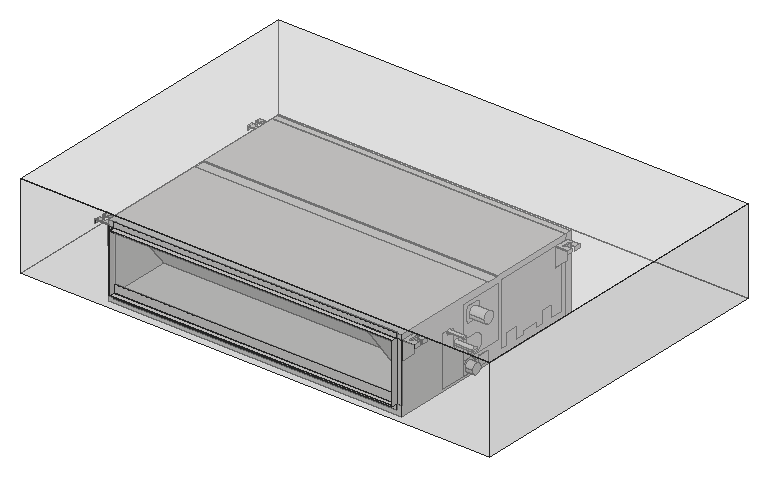
Revit family "outputfile", category 機械設備, Revit 2024
Family settings
  丸型コネクタ寸法 = 半径を使用
  パーツ タイプ = 標準
  OmniClass 番号 = 23.75.10.24.21.27.27
  OmniClass タイトル = Split System Air Conditioning Units
  作業面ベース = いいえ
  常に垂直 = はい
  ロード時にボイドで切り取り = いいえ
  注釈の向きを維持 = いいえ
  共有 = いいえ
  部屋計算ポイント = はい
Parameters (values of type "FDMFC85AV1M")
  Description = ""
  書き出し IFC クラス(タイプ) = "IfcUnitaryEquipmentType"
  定義済み IFC タイプ(タイプ) = "AIRCONDITIONINGUNIT"
  Cost = 0
  Type Comments = ""
  Keynote = ""
  Type Image = (empty or 0)
  Assembly Code = ""
  switch_frequency = yes
  connector_voltage = Voltage_50Hz  # 230 V
  connector_powerinput = [Power Input (Cooling)]  # 0.000 kW
  connector_phase = Phase_50Hz  # 1
  URL = ""
  Supply Air Direction [instance] = yes
  製造元 = "Daikin"
  モデル = "FDMFC85AV1M"
  w_pipe = 33 mm
  r_Liquid Pipe Size = Liquid Pipe Size / 2  # 4.75 mm
  r_Gas Pipe Size = Gas Pipe Size / 2  # 7.95 mm
  r_Drain Pipe Size = Drain Pipe Size / 2  # 16.0 mm
  lw_powersupply = Width / 2  # 500 mm
  lw_ductflange2 = 962 mm
  lw_Width = 962 mm
  lh_suctionflange [instance] = 100 mm
  ld_suctionflange [instance] = 190 mm
  ld_powersupply = 263 mm
  angle_vertical_RA [instance] = 90.00°
  angle horizontal_RA [instance] = 180.00°
  Voltage_comment_50Hz = "220 - 240"
  Voltage_50Hz = 230 V
  Sound Power Level_H speed (dB) = 0
  RA_length = 190 mm  # constant formula
  Phase_50Hz = 1
  Minimum External Static Pressure = 17.00 Pa
  Minimum Circuit Amps_50Hz = 0.0 A
  Maximum Fuse Amps_50Hz = 0.0 A
  Maximum External Static Pressure = 50.00 Pa
  Material_Casing = DAIKIN_GalvanizedSteel_Casing_indoorunit
  lw_liquidpipe = 557.9 mm
  lw_gaspipe = 567.5 mm
  lw_mountinghole_pitch = 1046 mm
  lw_mountinghole = 20 mm
  lw_drainpipe = 526 mm
  lh_powersupply = 43.2 mm
  lh_liquidpipe = 175 mm
  lh_gaspipe = 128 mm
  lh_mountinghole = Height + [h***] - 15 mm  # 235 mm
  lh_drainpipe = 29 mm
  lh_antena = (Height - lh_mountinghole) + 1 mm  # 16 mm
  ld_liquidpipe = 153 mm
  ld_gaspipe = 123 mm
  ld_mountinghole_pitch = 651 mm
  ld_drainpipe = 64 mm
  ld_controlbox = 626 mm
  h*** = 0 mm  # constant formula
  d_dischargeflange = 20 mm  # constant formula
  Width = 1000 mm
  Version = "ver.1.0"
  Unit Type = "Duct (M.S.P)"
  Unit Mass Weight = 31.00 kg
  Unit Designation [instance] = ""
  Uniclass2015Version = "Products v1.30"
  Uniclass2015Title = "Split coil room air conditioning units"
  Uniclass2015Code = "Pr_70_65_03_86"
  Total Cooling Capacity [instance] = 0.000 kW
  Sound Pressure Level_M speed (dBA) = 38
  Sound Pressure Level_L speed (dBA) = 35
  Sound Pressure Level_H speed (dBA) = 41
  Series = "SkyAir_Fan Coil Unit"
  Sensible Cooling Capacity [instance] = 0.000 kW
  SA Duct Size Width = 962 mm
  SA Duct Size Height = 200 mm
  Refrigerant Type = "R32"
  RA Duct Size Width = 962 mm
  RA Duct Size Height = 214 mm
  Power Input (Cooling) = 0.000 kW
  Option Accessory 3 [instance] = ""
  Option Accessory 2 [instance] = ""
  Option Accessory 1 [instance] = ""
  Nominal Cooling Capacity = 8.790 kW
  Minimum Airflow = 1190.00 m³/h
  Median Airflow = 1380.00 m³/h
  Maximum Airflow = 1610.00 m³/h
  Load Classification = HVAC
  Liquid Pipe Size = 9.5 mm
  Link_Nested Family [instance] = ""
  IfcVersion = ""
  IfcExportType = "AIRCONDITIONINGUNIT"
  IfcExportAs = "IfcUnitaryEquipmentType"
  Height = 250 mm
  Heat Exchanger Type = "Cross Fin Coil"
  Gas Pipe Size = 15.9 mm
  Frequency_50Hz = 50 Hz
  Fan Type = "Sirocco Fan"
  Fan Drive = "Direct Drive"
  FCU Tag No. [instance] = ""
  Drain Pipe Size = 32.0 mm
  Design Supply Airflow [instance] = 0.00 m³/h
  Design Return Airflow [instance] = 0.00 m³/h
  Design External Static Pressure [instance] = 0.00 Pa
  Depth = 700 mm
  既定の高さ = 0 mm
  Cooling Entering Wet Bulb Temperature [instance] = 0.00 °C
  Cooling Entering Dry Bulb Temperature [instance] = 0.00 °C
  Cooling Ambient Wet Bulb Temperature [instance] = 0.00 °C
  Cooling Ambient Dry Bulb Temperature [instance] = 0.00 °C
  Clearance visibility [instance] = yes
  Clearance Top = 20 mm
  Clearance Right = 300 mm
  Clearance Rear = 400 mm
  Clearance Left = 300 mm
  Clearance Front = 0 mm
  Clearance Bottom = 20 mm
Reference planes
  plane 1 "Center (Front/Back)": y = 0
  plane 2: z = 0
  plane 3 "Center (Left/Right)": x = 0
  plane 4 "Back": y = 350
  plane 5 "Front": y = -350
  plane 6 "Left": x = -500
  plane 7 "Right": x = 500
  plane 8 "Top": z = 0
  plane 9 "Bottom": z = -250
  plane 10: x = 481
  plane 11: x = -480.2
  plane 12: z = -72
  plane 13: z = -75
  plane 14: z = -122
  plane 15: x = -304
  plane 16: x = 304
  plane 17: x = -523
  plane 18: x = 523
  plane 19: x = 557.9
  plane 20: x = 567.5
  plane 21: z = -15
  plane 22 "Clearance Left": x = -800
  plane 23 "Clearance Right": x = 800
  plane 24 "Clearance Rear": y = 750
  plane 25 "Clearance Front": y = -350
  plane 26 "Clearance Bottom": z = -270
  plane 27: z = -21
  plane 28: z = -221
  plane 29: y = -123
  plane 30: y = -153
  plane 31: y = -30
  plane 32: y = -64
  plane 33: z = -118
  plane 34: y = -349.2
  plane 35: z = -150
  plane 36: y = 160
  plane 37: z = -151
  plane 38: x = 526
  plane 39: x = 495
  plane 40: x = 365.5
  plane 41: z = 102.5
  plane 42: y = 325.5
  plane 43: y = -325.5
  plane 44: y = 17.5
  plane 45: y = 57
  plane 46: x = 503.2
  plane 47: x = 505.2
  plane 48: y = -370
  plane 49: y = 390
  plane 50: z = -125
  plane 51: z = -70.5
  plane 52: z = -75.133
  plane 53: z = -75.5
  plane 54: z = -126.5
  plane 55: z = -239.8
  plane 56: z = -22.5
  plane 57: z = -192.5
  plane 58: z = -16
  plane 59 "Clearance Top": z = 20
  plane 60: z = -206.8
  plane 61: y = 263
  plane 62: y = -200
  plane 63: y = -300
  plane 64: y = -140
Forms (mm)
  Extrusion 1, solid, material "DAIKIN_GalvanizedSteel_Casing_indoorunit" <- "Material_Casing"
    sketch origin (0, 0, 0) x (1, 0, 0) y (0, 1, 0)
      loop
        line (-500, -349.2) -> (500, -349.2) -> (500, 350) -> (-500, 350) -> (-500, -349.2)
    from -250 to 0
  Extrusion 2, void
    sketch origin (0, 0, 1) x (1, 0, 0) y (0, 1, 0)
      loop
        line (-500, 57) -> (-500, 17.5) -> (500, 17.5) -> (500, 57) -> (-500, 57)
    from -1 to -5
  Extrusion 3, void
    sketch origin (0, 0, 0) x (0, 1, 0) y (0, 0, 1)
      loop
        line (-91.914, -222) -> (-91.914, -246.5) -> (-36.314, -246.5) -> (-36.314, -219.481)
        arc (-36.314, -219.481) -> (-65.261, -194.229) -> (-91.8, -222) r 27.8
    from 500 to 495
  Revolve 4, solid, material "DAIKIN_GalvanizedSteel_Casing_indoorunit" <- "Material_Casing"
    sketch origin (0, 0, -122) x (0, -1, 0) y (1, 0, 0)
      loop
        line (115.05, 500) -> (123, 500) -> (123, 567.5) -> (115.05, 567.5) -> (115.05, 500)
      axis (123, 500) -> (123, 567.5)
    angle from 0 to 360
  Revolve 5, solid, material "DAIKIN_GalvanizedSteel_Casing_indoorunit" <- "Material_Casing"
    sketch origin (0, 0, -75) x (0, -1, 0) y (1, 0, 0)
      loop
        line (153, 500) -> (153, 557.9) -> (148.25, 557.9) -> (148.25, 500) -> (153, 500)
      axis (153, 557.9) -> (153, 500)
    angle from 0 to 360
  Extrusion 6, solid, material "DAIKIN_GalvanizedSteel_Casing_indoorunit" <- "Material_Casing"
    sketch origin (0, 0, 0) x (0, 1, 0) y (0, 0, 1)
      loop
        circle (-64, -221) r 16
    from 526 to 500
  Extrusion 7, solid, material "DAIKIN_GalvanizedSteel_Casing_indoorunit" <- "Material_Casing"
    sketch origin (0, 0, 0) x (0, 1, 0) y (0, 0, 1)
      loop
        line (-180, -70.5) -> (-180, -239.8) -> (-95, -239.8) -> (-95, -126.5) -> (-107, -126.5)
        arc (-107, -126.5) -> (-121.5, -141) -> (-136, -126.5) r 14.5
        line (-136, -126.5) -> (-136, -75.5) -> (-141.006, -75.5)
        arc (-141.006, -75.5) -> (-153.184, -87.131) -> (-165, -75.133) r 12
        line (-165, -75.133) -> (-165, -70.5) -> (-180, -70.5)
      loop
        line (-92, -22.5) -> (-92, -192.5) -> (54, -192.5) -> (54, -22.5) -> (-92, -22.5)
      loop
        line (71, -16) -> (71, -224.802) -> (87.805, -224.802) -> (87.805, -184.607) -> (134.195, -184.606) -> (134.195, -224.802) -> (161, -224.802) -> (161, -212.302) -> (221, -212.303) -> (221, -224.802) -> (239.805, -224.802) -> (239.805, -184.606) -> (286.195, -184.606) -> (286.195, -224.802) -> (321.994, -224.802) -> (321.994, -82) -> (298.5, -82) -> (298.5, -16) -> (71, -16)
    from 500 to 503.2
  Extrusion 8, solid, material "DAIKIN_GalvanizedSteel_Casing_indoorunit" <- "Material_Casing"
    sketch origin (0, 0, 0) x (0, 1, 0) y (0, 0, 1)
      loop
        line (-27.5, -74.5) -> (-27.5, -41.5)
        arc (-27.5, -41.5) -> (-30.136, -35.136) -> (-36.5, -32.5) r 9
        line (-36.5, -32.5) -> (-69.5, -32.5)
        arc (-69.5, -32.5) -> (-75.864, -35.136) -> (-78.5, -41.5) r 9
        line (-78.5, -41.5) -> (-78.5, -74.5)
        arc (-78.5, -74.5) -> (-75.864, -80.864) -> (-69.5, -83.5) r 9
        line (-69.5, -83.5) -> (-36.5, -83.5)
        arc (-36.5, -83.5) -> (-30.136, -80.864) -> (-27.5, -74.5) r 9
      loop
        arc (8, -234.5) -> (9.415, -233.914) -> (10.001, -232.499) r 2.001
        line (10.001, -232.499) -> (9.997, -206.503)
        arc (9.997, -206.503) -> (9.412, -205.091) -> (8, -204.506) r 1.997
        line (8, -204.506) -> (-25.997, -204.506)
        arc (-25.997, -204.506) -> (-27.415, -205.094) -> (-28.002, -206.511) r 2.005
        line (-28.002, -206.511) -> (-28.002, -232.499)
        arc (-28.002, -232.499) -> (-27.416, -233.914) -> (-26.001, -234.5) r 2.001
        line (-26.001, -234.5) -> (8, -234.5)
      loop
        arc (-77.358, -152.358) -> (-25.548, -177.591) -> (-59.394, -130.95) r 29.7
        arc (-59.394, -130.95) -> (-62.843, -131.688) -> (-66.339, -131.219) r 10.3
        line (-66.339, -131.219) -> (-72.946, -129.136)
        arc (-72.946, -129.136) -> (-80.627, -131.374) -> (-81.498, -139.327) r 7.2
        line (-81.498, -139.327) -> (-78.299, -145.472)
        arc (-78.299, -145.472) -> (-77.23, -148.833) -> (-77.358, -152.358) r 10.3
    from 500 to 505.2
  Extrusion 9, solid, material "DAIKIN_GalvanizedSteel_Casing_indoorunit" <- "Material_Casing"
    sketch origin (0, 0, 0) x (0, 1, 0) y (0, 0, 1)
      loop
        circle (-53, -58) r 18.9
    from 500 to 557.9
  Extrusion 10, void
    sketch origin (0, 0, 0) x (0, 1, 0) y (0, 0, 1)
      loop
        line (-350, -18.8) -> (-350, -217.2) -> (-200, -217.2) -> (-349.2, -18.8) -> (-350, -18.8)
    from -480.2 to 481
  Extrusion 11, void
    sketch origin (0, 0, 0) x (0, 1, 0) y (0, 0, 1)
      loop
        line (-350, -18.8) -> (-350, -217.2) -> (-140, -217.2) -> (-300, -18.8) -> (-350, -18.8)
    from -480.2 to 365.5
Cuts and joins
  Extrusion 2, Extrusion 3, Extrusion 10, Extrusion 11 cuts Extrusion 1
  joined: Extrusion 7, Extrusion 8, Extrusion 9
Dimensions and locks
  "Height": plane 8 "Top" to plane 9 "Bottom"
  equal spacing: plane 15, plane 3 "Center (Left/Right)", plane 16, locked at 304 each
  locked: plane 15 to plane 16 at 608
  equal spacing: plane 17, plane 3 "Center (Left/Right)", plane 18
  "lw_mountinghole_pitch": plane 17 to plane 18
  locked: plane 12 to plane 9 "Bottom" at 178
  "lh_liquidpipe": plane 13 to plane 9 "Bottom"
  "lh_gaspipe": plane 14 to plane 9 "Bottom"
  "lh_mountinghole": plane 21 to plane 9 "Bottom"
  equal spacing: plane 6 "Left", plane 3 "Center (Left/Right)", plane 7 "Right"
  "Width": plane 6 "Left" to plane 7 "Right"
  "Clearance Right": plane 7 "Right" to plane 23 "Clearance Right"
  "Clearance Left": plane 22 "Clearance Left" to plane 6 "Left"
  "Clearance Rear": plane 24 "Clearance Rear" to plane 4 "Back"
  "Clearance Front": plane 5 "Front" to plane 25 "Clearance Front"
  locked: plane 8 "Top" to plane 27 at 21
  "Depth": plane 4 "Back" to plane 5 "Front"
  equal spacing: plane 4 "Back", plane 1 "Center (Front/Back)", plane 5 "Front"
  "ld_suctionflange": plane 4 "Back" to plane 36
  locked: plane 37 to plane 9 "Bottom" at 99
  plane 7 "Right" to plane 40 = 134.5 mm
  "r_Gas Pipe Size": nested 6 to Revolve 4 sketch curve
  "r_Liquid Pipe Size": nested 5 to Revolve 5 sketch curve
  equal spacing: plane 42, plane 1 "Center (Front/Back)", plane 43
  "ld_mountinghole_pitch": plane 42 to plane 43
  locked: plane 33 to plane 9 "Bottom" at 132
  "lw_liquidpipe": plane 3 "Center (Left/Right)" to plane 19
  "lw_gaspipe": plane 3 "Center (Left/Right)" to plane 20
  "lw_drainpipe": plane 3 "Center (Left/Right)" to plane 38
  "ld_drainpipe": plane 32 to plane 1 "Center (Front/Back)"
  "ld_gaspipe": plane 29 to plane 1 "Center (Front/Back)"
  "ld_liquidpipe": plane 30 to plane 1 "Center (Front/Back)"
  "lh_drainpipe": plane 28 to plane 9 "Bottom"
  locked: plane 7 "Right" to plane 46 at 3.2
  locked: plane 46 to plane 47 at 2
  equal spacing: plane 8 "Top", plane 50, plane 9 "Bottom"
  plane 51 to plane 52 to plane 53 to plane 54 to plane 55 = 4.633 mm locked, 0.367 mm locked, 51 mm locked, 113.3 mm locked
  plane 8 "Top" to plane 56 to plane 57 = 22.5 mm locked, 170 mm locked
  locked: plane 8 "Top" to plane 58 at 16
  locked: plane 40 to plane 10 at 115.5
  locked: plane 17 to plane 11 at 42.8
  locked: plane 39 to plane 7 "Right" at 5
  "Clearance Top": plane 59 "Clearance Top" to plane 8 "Top"
  "Clearance Bottom": plane 9 "Bottom" to plane 26 "Clearance Bottom"
  "lh_powersupply": plane 60 to plane 9 "Bottom"
  "ld_powersupply": plane 61 to plane 1 "Center (Front/Back)"
  locked: plane 34 to plane 5 "Front" at 0.8
  locked: plane 5 "Front" to plane 48 at 20
  locked: plane 5 "Front" to plane 62 at 150
  plane 5 "Front" to plane 63 to plane 64 = 50 mm locked, 160 mm locked
  "r_Drain Pipe Size": radius of Extrusion 6 sketch curve
  aligned and locked: level to plane 2
  aligned and locked: Extrusion 1 to plane 9 "Bottom"
  aligned and locked: plane 8 "Top" to Extrusion 1
  aligned and locked: Revolve 4 sketch curve to Revolve 4 sketch curve
  aligned and locked: plane 19 to nested 5
  aligned and locked: nested 5 to plane 13
  aligned and locked: plane 18 to nested 2
  aligned and locked: plane 17 to nested 3
  aligned and locked: plane 17 to nested 4
  aligned and locked: nested 6 to plane 14
  aligned and locked: plane 29 to nested 6
  aligned and locked: plane 30 to nested 5
  aligned and locked: Extrusion 6 sketch curve to plane 32
  aligned and locked: plane 8 "Top" to Extrusion 2
  aligned and locked: plane 24 "Clearance Rear" to nested 11
  aligned and locked: plane 23 "Clearance Right" to nested 11
  aligned and locked: plane 22 "Clearance Left" to nested 11
  aligned and locked: nested 11 to plane 25 "Clearance Front"
  aligned and locked: plane 7 "Right" to cut or joined group of Extrusion 1, Extrusion 2, Extrusion 3, Extrusion 10, Extrusion 11  (x3)
  aligned and locked: cut or joined group of Extrusion 1, Extrusion 2, Extrusion 3, Extrusion 10, Extrusion 11 to plane 39
  aligned and locked: plane 38 to Extrusion 6
  aligned and locked: plane 20 to nested 6
  aligned and locked: plane 3 "Center (Left/Right)" to nested 12
  aligned and locked: plane 18 to nested 1
  aligned and locked: plane 32 to nested 7
  aligned and locked: nested 7 to plane 28
  aligned and locked: plane 38 to nested 7
  aligned and locked: nested 9 to plane 1 "Center (Front/Back)"
  aligned and locked: plane 3 "Center (Left/Right)" to nested 9
  aligned and locked: plane 33 to nested 8
  aligned and locked: level to plane 8 "Top"
  aligned and locked: nested 1 to plane 42
  aligned and locked: nested 2 to plane 43
  aligned and locked: nested 4 to plane 42
  aligned and locked: nested 3 to plane 43
  aligned and locked: nested 12 to plane 21
  aligned and locked: cut or joined group of Extrusion 1, Extrusion 2, Extrusion 3, Extrusion 10, Extrusion 11 to plane 34
  aligned and locked: nested 13 to plane 33
  aligned and locked: Extrusion 2 sketch curve to plane 6 "Left"
  aligned and locked: plane 7 "Right" to Extrusion 2 sketch curve
  aligned and locked: plane 44 to Extrusion 2 sketch curve
  aligned and locked: plane 45 to Extrusion 2 sketch curve
  aligned and locked: plane 3 "Center (Left/Right)" to nested 10
  aligned and locked: nested 10 to plane 4 "Back"
  aligned and locked: plane 46 to Extrusion 7
  aligned and locked: Extrusion 7 to plane 7 "Right"
  aligned and locked: Extrusion 8 to plane 7 "Right"
  aligned and locked: plane 47 to Extrusion 8
  aligned and locked: plane 19 to Extrusion 9
  aligned and locked: Extrusion 9 to plane 7 "Right"
  aligned and locked: nested 8 to plane 48
  aligned and locked: plane 49 to nested 14
  aligned and locked: nested 14 to plane 3 "Center (Left/Right)"
  aligned and locked: nested 14 to plane 50
  aligned and locked: plane 54 to Extrusion 7 sketch curve  (x2)
  aligned and locked: plane 52 to Extrusion 7 sketch curve
  aligned and locked: plane 56 to Extrusion 7 sketch curve
  aligned and locked: plane 57 to Extrusion 7 sketch curve
  aligned and locked: plane 58 to Extrusion 7 sketch curve
  aligned and locked: plane 3 "Center (Left/Right)" to nested 13
  aligned and locked: plane 59 "Clearance Top" to nested 11
  aligned and locked: nested 11 to plane 26 "Clearance Bottom"
  aligned and locked: plane 7 "Right" to nested 15
  aligned and locked: nested 15 to plane 60
  aligned and locked: plane 34 to nested 13
  aligned and locked: plane 5 "Front" to Extrusion 10 sketch curve
  aligned and locked: cut or joined group of Extrusion 1, Extrusion 2, Extrusion 3, Extrusion 10, Extrusion 11 to plane 11  (x2)
  aligned and locked: plane 10 to cut or joined group of Extrusion 1, Extrusion 2, Extrusion 3, Extrusion 10, Extrusion 11
  aligned and locked: Extrusion 11 sketch curve to plane 5 "Front"
  aligned and locked: plane 63 to Extrusion 11 sketch curve
  aligned and locked: plane 64 to Extrusion 11 sketch curve
  aligned and locked: cut or joined group of Extrusion 1, Extrusion 2, Extrusion 3, Extrusion 10, Extrusion 11 to plane 40
  aligned and locked: Extrusion 6 to plane 7 "Right"
  aligned and locked: Revolve 4 to plane 7 "Right"
  aligned and locked: Revolve 5 to plane 7 "Right"
Automatic sketch dimensions
  Extrusion 1 sketch curve to plane 4 "Back" = 0 mm
  Extrusion 1 sketch curve to plane 6 "Left" = 0 mm
  Extrusion 1 sketch curve to plane 7 "Right" = 0 mm
  plane 34 to Extrusion 1 sketch curve = 0 mm
  Extrusion 6 sketch curve to plane 28 = 0 mm
  Revolve 4 sketch curve to plane 20 = 0 mm
  Revolve 4 sketch curve to plane 29 = 0 mm
  Revolve 4 sketch curve to Revolve 4 sketch curve = 2.003 mm
  plane 20 to Revolve 4 sketch curve = 1.003 mm
  Revolve 5 sketch curve to plane 30 = 0 mm  (x2)
  Revolve 5 sketch curve to plane 19 = 0 mm  (x2)
  Revolve 5 sketch curve to plane 7 "Right" = 0 mm
  Revolve 5 sketch curve to Revolve 5 sketch curve = 1 mm
  Revolve 4 sketch curve to plane 7 "Right" = 0 mm
  plane 9 "Bottom" to Extrusion 3 sketch curve = 3.5 mm
  Extrusion 3 sketch curve to plane 31 = 6.314 mm
  Extrusion 3 sketch curve to plane 28 = 1 mm  (x2)
  plane 32 to Extrusion 3 sketch curve = 0 mm
  Extrusion 3 sketch curve to Extrusion 3 sketch curve = 0.114 mm
  Extrusion 8 sketch curve to plane 32 = 14.5 mm
  plane 13 to Extrusion 8 sketch curve = 0.5 mm  (x2)
  Extrusion 8 sketch curve to plane 32 = 5.5 mm  (x2)
  Extrusion 8 sketch curve to plane 31 = 6.5 mm  (x2)
  Extrusion 8 sketch curve to plane 27 = 20.5 mm
  plane 31 to Extrusion 8 sketch curve = 1.998 mm
  Extrusion 8 sketch curve to Extrusion 8 sketch curve = 2.001 mm  (x2)
  Extrusion 8 sketch curve to Extrusion 8 sketch curve = 2.005 mm
  Extrusion 8 sketch curve to plane 1 "Center (Front/Back)" = 8 mm  (x2)
  plane 28 to Extrusion 8 sketch curve = 16.494 mm
  Extrusion 8 sketch curve to Extrusion 8 sketch curve = 1.994 mm
  Extrusion 8 sketch curve to Extrusion 8 sketch curve = 1.997 mm
  Extrusion 8 sketch curve to plane 32 = 17.498 mm
  Extrusion 8 sketch curve to plane 35 = 0.228 mm
  Extrusion 8 sketch curve to Extrusion 8 sketch curve = 5.937 mm
  plane 35 to Extrusion 8 sketch curve = 4.528 mm
  Extrusion 8 sketch curve to Extrusion 8 sketch curve = 3.199 mm
  Extrusion 8 sketch curve to Extrusion 8 sketch curve = 6.386 mm
  Extrusion 8 sketch curve to plane 14 = 7.136 mm
  Extrusion 8 sketch curve to Extrusion 8 sketch curve = 2.165 mm
  Extrusion 8 sketch curve to plane 32 = 2.339 mm
  plane 32 to Extrusion 8 sketch curve = 0.758 mm
  Extrusion 8 sketch curve to plane 37 = 7.5 mm
  plane 32 to Extrusion 8 sketch curve = 15.7 mm
  Extrusion 8 sketch curve to Extrusion 8 sketch curve = 6.145 mm
  Extrusion 8 sketch curve to Extrusion 8 sketch curve = 2.083 mm
  plane 14 to Extrusion 8 sketch curve = 0.604 mm
  Extrusion 8 sketch curve to Extrusion 8 sketch curve = 0 mm
  plane 32 to Extrusion 9 sketch curve = 11 mm
  plane 12 to Extrusion 9 sketch curve = 14 mm
  Extrusion 7 sketch curve to plane 30 = 0 mm
  Extrusion 7 sketch curve to plane 30 = 27 mm
  Extrusion 7 sketch curve to plane 13 = 0.5 mm
  Extrusion 7 sketch curve to Extrusion 7 sketch curve = 5.006 mm
  plane 12 to Extrusion 7 sketch curve = 1.5 mm
  Extrusion 7 sketch curve to Extrusion 7 sketch curve = 12 mm
  Extrusion 7 sketch curve to plane 30 = 12 mm
  plane 29 to Extrusion 7 sketch curve = 1.5 mm
  Extrusion 7 sketch curve to plane 32 = 28 mm
  Extrusion 7 sketch curve to Extrusion 7 sketch curve = 17 mm
  Extrusion 7 sketch curve to plane 28 = 3.802 mm  (x8)
  Extrusion 7 sketch curve to plane 42 = 27 mm
  Extrusion 7 sketch curve to plane 42 = 3.506 mm  (x2)
  Extrusion 7 sketch curve to plane 53 = 6.5 mm
  plane 57 to Extrusion 7 sketch curve = 7.893 mm
  Extrusion 7 sketch curve to Extrusion 7 sketch curve = 0 mm  (x2)
  plane 57 to Extrusion 7 sketch curve = 7.894 mm  (x2)
  plane 36 to Extrusion 7 sketch curve = 1 mm  (x2)
  plane 28 to Extrusion 7 sketch curve = 8.697 mm
  Extrusion 3 sketch curve to Extrusion 3 sketch curve = 27.914 mm
  Extrusion 7 sketch curve to plane 55 = 0 mm
  Extrusion 8 sketch curve to plane 28 = 11.499 mm
  Extrusion 7 sketch curve to Extrusion 7 sketch curve = 60 mm
  Extrusion 10 sketch curve to plane 34 = 0 mm
  plane 28 to Extrusion 10 sketch curve = 3.8 mm
  plane 27 to Extrusion 10 sketch curve = 2.2 mm
  Extrusion 10 sketch curve to plane 30 = 47 mm
  plane 28 to Extrusion 11 sketch curve = 3.8 mm
  plane 27 to Extrusion 11 sketch curve = 2.2 mm
  radius of Extrusion 9 sketch curve = 18.9 mm
Nested families
  nested 1: "daikin_mountinghole" at (523, 325.5, -250), l_antenna <- "lh_antena", Link_Nested Family <- "Link_Nested Family", h_mountinghole <- "lh_mountinghole", type "daikin_mountinghole"
    with show yes, l_antenna 16 mm, h_mountinghole 235 mm, Link_Nested Family ""
  nested 2: "daikin_mountinghole" at (523, -325.5, -250), Link_Nested Family <- "Link_Nested Family", l_antenna <- "lh_antena", h_mountinghole <- "lh_mountinghole", type "daikin_mountinghole"
    with show yes, l_antenna 16 mm, h_mountinghole 235 mm, Link_Nested Family ""
  nested 3: "daikin_mountinghole" at (-523, -325.5, -250), l_antenna <- "lh_antena", Link_Nested Family <- "Link_Nested Family", h_mountinghole <- "lh_mountinghole", type "daikin_mountinghole"
    with show yes, l_antenna 16 mm, h_mountinghole 235 mm, Link_Nested Family ""
  nested 4: "daikin_mountinghole" at (-523, 325.5, -250), l_antenna <- "lh_antena", Link_Nested Family <- "Link_Nested Family", h_mountinghole <- "lh_mountinghole", type "daikin_mountinghole"
    with show yes, l_antenna 16 mm, h_mountinghole 235 mm, Link_Nested Family ""
  nested 5: "daikin_connector_rotate2" at (0, -153, -75) x (0, 1, 0) z (0, 0, 1), length <- "lw_liquidpipe", built-in parameter 1001364 <- "lh_liquidpipe", radius <- "r_Liquid Pipe Size", type "daikin_connector_rotate2"
    with radius 4.75 mm, length 557.9 mm, angle_vertical 90.00°
  nested 6: "daikin_connector_rotate2" at (0, -123, -122) x (0, 1, 0) z (0, 0, 1), length <- "lw_gaspipe", built-in parameter 1001364 <- "lh_gaspipe", radius <- "r_Gas Pipe Size", type "daikin_connector_rotate2"
    with radius 7.95 mm, length 567.5 mm, angle_vertical 90.00°
  nested 7: "daikin_connector_rotate2" at (0, -64, -221) x (0, 1, 0) z (0, 0, 1), built-in parameter 1001364 <- "lh_drainpipe", length <- "lw_drainpipe", radius <- "r_Drain Pipe Size", type "daikin_connector_rotate2"
    with radius 16 mm, length 526 mm, angle_vertical 90.00°
  nested 8: "daikin_connector_rotate2" at (0, -350, -118), length <- "d_dischargeflange", type "daikin_connector_rotate2"
    with radius 10 mm, length 20 mm, angle_vertical 90.00°
  nested 9: "daikin_△_symbolicline" at (-75, -129.904, 250) x (-0.5, 0.866, 0) z (0, 0, 1), built-in parameter 1001364 <- "Height", visible <- "Supply Air Direction", type "daikin_△_symbolicline"
    with length 300 mm
  nested 10: "daikin_ductflange_FDMFC-AV1M_1" at (0, 350, -125), material <- "Material_Casing", width <- "lw_ductflange2", type "daikin_ductflange_FDMFC-AV1M_1"
    with width 962 mm, material DAIKIN_GalvanizedSteel_Casing_indoorunit, height 214 mm, depth 40 mm
  nested 11: "daikin_clearancespace" at (0, 200, -124.881), visible <- "Clearance visibility", show <- "Clearance visibility", Link_Nested Family <- "Link_Nested Family", type "daikin_clearancespace"
    with width 1600 mm, show yes, height 290 mm, depth 1100 mm, Link_Nested Family ""
  nested 12: "daikin_hangerfixture_FDMFC-AV1M" at (0, 0, -15), type "daikin_hangerfixture_FDMFC-AV1M"
    with width 1000 mm
  nested 13: "daikin_ductflange_FDMFC-AV1M" at (0, -35.7, -407.401), width <- "lw_Width", material <- "Material_Casing", type "daikin_ductflange_FDMFC-AV1M"
    with width 962 mm, material DAIKIN_GalvanizedSteel_Casing_indoorunit, height 200 mm, depth 20.8 mm
  nested 14: "daikin_connector_rotate2" at (0, 350, -125) x (-1, 0, 0) z (0, 0, 1), type "daikin_connector_rotate2"
    with radius 10 mm, length 40 mm, angle_vertical 90.00°
  nested 15: "daikin_connector_rotate2" at (0, 263, -206.8) x (0, 1, 0) z (0, 0, 1), length <- "lw_powersupply", built-in parameter 1001364 <- "lh_powersupply", type "daikin_connector_rotate2"
    with radius 10 mm, length 500 mm, angle_vertical 90.00°
Connectors
  piping at (567.5, -123, -122), diameter 15.9, driven by "r_Gas Pipe Size"
    settings: on nested 6, index 1, connector inside diameter 609.6 mm, connector length 0 mm, flow factor 0, pipe flow 0.00 m³/h, pressure drop 0.0 Pa, fitting loss kfactor 0, connector angle 0.00°, fixture units 0, engagement length 0 mm, angle of deflection 0.00°, flow configuration 1, flow direction 2, fitting loss method 0, system type 29, joint type 0, gender type 0, connector reference index -1, connector utility 0, adjustable connector no, is connector primary yes, connector description "Refrigerant Gas Piping"
  piping at (557.9, -153, -75), diameter 9.5, driven by "r_Liquid Pipe Size"
    settings: on nested 5, index 2, connector inside diameter 609.6 mm, connector length 0 mm, flow factor 0, pipe flow 0.00 m³/h, pressure drop 0.0 Pa, fitting loss kfactor 0, connector angle 0.00°, fixture units 0, engagement length 0 mm, angle of deflection 0.00°, flow configuration 1, flow direction 1, fitting loss method 0, system type 29, joint type 0, gender type 0, connector reference index -1, connector utility 0, adjustable connector no, is connector primary no, connector description "Refrigerant Liquid Piping"
  piping at (526, -64, -221), diameter 32, driven by "r_Drain Pipe Size"
    settings: on nested 7, index 3, connector inside diameter 609.6 mm, connector length 0 mm, flow factor 0, pipe flow 0.00 m³/h, pressure drop 0.0 Pa, fitting loss kfactor 0, connector angle 0.00°, fixture units 0, engagement length 0 mm, angle of deflection 0.00°, flow configuration 1, flow direction 2, fitting loss method 4, system type 16, joint type 0, gender type 0, connector reference index -1, connector utility 0, adjustable connector no, is connector primary no, connector description "Condensate Drain Piping"
  hvac at (0, -370, -118), driven by "SA Duct Size Height", driven by "SA Duct Size Width"
    settings: on nested 8, index 7, duct flow 0.00 m³/h, flow factor 0, pres drop 0.00 Pa, loss coef 0, conn angle 0.00°, conn width 962.0 mm, conn height 200.0 mm, conn diameter 609.6 mm, duct sys type 1, conn prof type 1, flow config 0, flow direction 2, loss method 4, conn ref index -1, conn util no, is conn primary yes, conn desc "SA Duct"
  hvac at (0, 390, -125), driven by "RA Duct Size Width", driven by "RA Duct Size Height"
    settings: on nested 14, index 8, duct flow 0.00 m³/h, flow factor 0, pres drop 0.00 Pa, loss coef 0, conn angle 0.00°, conn width 962.0 mm, conn height 214.0 mm, conn diameter 609.6 mm, duct sys type 2, conn prof type 1, flow config 0, flow direction 1, loss method 4, conn ref index -1, conn util no, is conn primary no, conn desc "RA Duct"
  electrical at (500, 263, -206.8), driven by "Load Classification", driven by "connector_powerinput", driven by "connector_voltage", driven by "connector_phase"
    settings: on nested 15, index 9, voltage 230 V, apparent load 0 VA, apparent load phase1 0 VA, apparent load phase2 0 VA, apparent load phase3 0 VA, power factor 1, load classification "HVAC", number of poles 1, system type 30, power factor state 1, is connector primary yes, connector utility no, sub classification motor no, connector description "Power Supply"
Definition of nested family "daikin_ductflange_FDMFC-AV1M_1"
  Parameters (values of type "daikin_ductflange_FXDQ-NDVET2")
    width [instance] = 662 mm
    material [instance] = none
    height [instance] = 214 mm
    depth [instance] = 40 mm
    Default Elevation = 0 mm
  Reference planes
    plane 1 "Center (Front/Back)": y = 0
    plane 2: z = 0
    plane 3 "Center (Left/Right)": x = 0
    plane 4: x = -331
    plane 5: x = 331
    plane 6: z = 107
    plane 7: z = -107
    plane 8: x = -350
    plane 9: x = 350
    plane 10: z = 124
    plane 11: z = -124
    plane 12: y = 20
    plane 13: x = -330.2
    plane 14: x = 330.2
    plane 15: z = 106.2
    plane 16: z = -106.2
    plane 17: y = 40
    plane 18: x = -330.2
    plane 19: z = 106.2
    plane 20: z = -106.2
    plane 21: x = 330.2
  Forms (mm)
    Extrusion 1, solid, material <- "material"
      sketch origin (0, 0, 0) x (1, 0, 0) y (0, 0, 1)
        loop
          line (-330.2, 106.2) -> (-330.2, -106.2) -> (330.2, -106.2) -> (330.2, 106.2) -> (-330.2, 106.2)
        loop
          line (-350, 124) -> (-350, -124) -> (350, -124) -> (350, 124) -> (-350, 124)
      from 0 to -20
    Extrusion 2, solid, material <- "material"
      sketch origin (0, 0, 0) x (1, 0, 0) y (0, 0, 1)
        loop
          line (-331, 107) -> (-331, -107) -> (331, -107) -> (331, 107) -> (-331, 107)
        loop
          line (-330.2, 106.2) -> (-330.2, -106.2) -> (330.2, -106.2) -> (330.2, 106.2) -> (-330.2, 106.2)
      from -40 to -20
  Cuts and joins
    joined: Extrusion 1, Extrusion 2
  Dimensions and locks
    equal spacing: plane 5, plane 3 "Center (Left/Right)", plane 4
    "width": plane 5 to plane 4
    equal spacing: plane 6, level, plane 7
    "height": plane 6 to plane 7
    locked: plane 4 to plane 8 at 19
    locked: plane 9 to plane 5 at 19
    locked: plane 10 to plane 6 at 17
    locked: plane 7 to plane 11 at 17
    locked: plane 1 "Center (Front/Back)" to plane 12 at 20
    locked: plane 13 to plane 4 at 0.8
    locked: plane 5 to plane 14 at 0.8
    locked: plane 6 to plane 15 at 0.8
    locked: plane 16 to plane 7 at 0.8
    locked: plane 12 to plane 17 at 20
    locked: plane 18 to plane 4 at 0.8
    locked: plane 5 to plane 21 at 0.8
    locked: plane 6 to plane 19 at 0.8
    locked: plane 20 to plane 7 at 0.8
    locked: plane 1 "Center (Front/Back)" to plane 17 at 40
    aligned and locked: level to plane 2
    aligned and locked: Extrusion 1 sketch curve to plane 10
    aligned and locked: plane 8 to Extrusion 1 sketch curve
    aligned and locked: Extrusion 1 sketch curve to plane 9
    aligned and locked: Extrusion 1 to plane 12
    aligned and locked: plane 1 "Center (Front/Back)" to Extrusion 1
    aligned and locked: Extrusion 1 sketch curve to plane 15
    aligned and locked: plane 13 to Extrusion 1 sketch curve
    aligned and locked: plane 16 to Extrusion 1 sketch curve
    aligned and locked: plane 11 to Extrusion 1 sketch curve
    aligned and locked: Extrusion 1 sketch curve to plane 14
    aligned and locked: Extrusion 2 sketch curve to plane 6
    aligned and locked: plane 4 to Extrusion 2 sketch curve
    aligned and locked: plane 7 to Extrusion 2 sketch curve
    aligned and locked: Extrusion 2 sketch curve to plane 5
    aligned and locked: Extrusion 2 sketch curve to Extrusion 1  (x4)
    aligned and locked: Extrusion 2 to plane 17
    aligned and locked: Extrusion 2 to Extrusion 1
  Automatic sketch dimensions
    Extrusion 1 sketch curve to plane 10 = 0 mm
Definition of nested family "daikin_clearancespace"
  Parameters (values of type "daikin_clearancespace")
    Description = "daikin_clearancespace"
    width [instance] = 1823.963 mm
    show [instance] = yes
    material = none
    height [instance] = 1359.762 mm
    depth [instance] = 880 mm
    Default Elevation = 0 mm
    Link_Nested Family [instance] = ""
  Reference planes
    plane 1 "Center (Front/Back)": y = 0
    plane 2 "Center (Elevation)": z = -0.119
    plane 3 "Center (Left/Right)": x = 0
    plane 4: y = 440
    plane 5: y = -440
    plane 6 "Right": x = 911.982
    plane 7 "Left": x = -911.982
    plane 8 "Top": z = 679.762
    plane 9 "Bottom": z = -680
  Forms (mm)
    Extrusion 1, solid, material <- "material", visible <- "show"
      sketch origin (0, 0, 0) x (1, 0, 0) y (0, 1, 0)
        loop
          line (-911.982, 440) -> (-911.982, -440) -> (911.982, -440) -> (911.982, 440) -> (-911.982, 440)
      from -680 to 679.762
  Lines and regions (mm)
    symbolic lines, visible <- "show"
      curve 1: line (911.982, 440, 0) -> (-911.982, 440, 0)
      curve 2: line (-911.982, 440, 0) -> (-911.982, -440, 0)
      curve 3: line (-911.982, -440, 0) -> (911.982, -440, 0)
      curve 4: line (911.982, -440, 0) -> (911.982, 440, 0)
      curve 5: line (911.982, 0, 679.762) -> (-911.982, 0, 679.762)
      curve 6: line (911.982, 0, -680) -> (911.982, 0, 679.762)
      curve 7: line (-911.982, 0, -680) -> (911.982, 0, -680)
      curve 8: line (-911.982, 0, 679.762) -> (-911.982, 0, -680)
      curve 9: line (0, 440, 679.762) -> (0, -440, 679.762)
      curve 10: line (0, -440, 679.762) -> (0, -440, -680)
      curve 11: line (0, 440, -680) -> (0, 440, 679.762)
      curve 12: line (0, -440, -680) -> (0, 440, -680)
  Dimensions and locks
    "width": plane 7 "Left" to plane 6 "Right"
    "depth": plane 4 to plane 5
    "height": plane 8 "Top" to plane 9 "Bottom"
    equal spacing: plane 7 "Left", plane 3 "Center (Left/Right)", plane 6 "Right"
    equal spacing: plane 4, plane 1 "Center (Front/Back)", plane 5
    equal spacing: plane 8 "Top", plane 2 "Center (Elevation)", plane 9 "Bottom"
    aligned and locked: level to plane 2 "Center (Elevation)"
    aligned and locked: Extrusion 1 sketch curve to plane 4
    aligned and locked: plane 7 "Left" to Extrusion 1 sketch curve
    aligned and locked: Extrusion 1 sketch curve to plane 5
    aligned and locked: Extrusion 1 sketch curve to plane 6 "Right"
    aligned and locked: plane 8 "Top" to Extrusion 1
    aligned and locked: curve 1 to Extrusion 1
    aligned and locked: curve 2 to Extrusion 1
    aligned and locked: curve 3 to Extrusion 1
    aligned and locked: curve 4 to Extrusion 1
    aligned and locked: curve 5 to Extrusion 1
    aligned and locked: curve 6 to Extrusion 1
    aligned and locked: curve 7 to Extrusion 1
    aligned and locked: curve 8 to Extrusion 1
    aligned and locked: curve 9 to Extrusion 1
    aligned and locked: curve 10 to Extrusion 1
    aligned and locked: curve 11 to Extrusion 1
    aligned and locked: curve 12 to Extrusion 1
    aligned and locked: Extrusion 1 to plane 9 "Bottom"
Definition of nested family "daikin_hangerfixture_FDMFC-AV1M"
  Parameters (values of type "daikin_hangerfixture_FDMFC-AV1M")
    width = 700 mm
    material = none
    height = 65 mm
    depth = 700 mm
    Default Elevation = 0 mm
  Reference planes
    plane 1 "Center (Front/Back)": y = 0
    plane 2: z = 0
    plane 3 "Center (Left/Right)": x = 0
    plane 4: x = 350
    plane 5: y = 350
    plane 6: y = -350
    plane 7: x = -350
    plane 8: z = -65
    plane 9: y = 325.5
    plane 10: y = -325.5
    plane 11: y = 302
    plane 12: y = -302
    plane 13: x = 373
    plane 14: x = -373
  Forms (mm)
    Extrusion 1, void
      sketch origin (0, 0, 0) x (-1, 0, 0) y (0, -1, 0)
        loop
          arc (366.995, -334.5) -> (373, -340.5) -> (378.995, -334.489) r 6
          line (378.995, -334.489) -> (378.995, -333)
          arc (378.995, -333) -> (379.288, -332.293) -> (379.995, -332) r 1
          line (379.995, -332) -> (394.995, -332) -> (394.995, -319) -> (379.995, -319)
          arc (379.995, -319) -> (379.288, -318.707) -> (378.995, -318) r 1
          line (378.995, -318) -> (378.995, -316.464)
          arc (378.995, -316.464) -> (372.977, -310.5) -> (366.995, -316.5) r 6
          line (366.995, -316.5) -> (366.995, -334.5)
        loop
          line (367.28, 334.5) -> (367.28, 316.5)
          arc (367.28, 316.5) -> (373, 310.507) -> (379.254, 315.94) r 6
          line (379.254, 315.94) -> (379.254, 318)
          arc (379.254, 318) -> (379.547, 318.707) -> (380.254, 319) r 1
          line (380.254, 319) -> (395.254, 319) -> (395.254, 332) -> (380.254, 332)
          arc (380.254, 332) -> (379.547, 332.293) -> (379.254, 333) r 1
          line (379.254, 333) -> (379.254, 334.5)
          arc (379.254, 334.5) -> (373.267, 340.487) -> (367.28, 334.5) r 5.987
      from -254.96 to 618
    Extrusion 2, solid, material <- "material"
      sketch origin (0, 0, 0) x (-1, 0, 0) y (0, 0, 1)
        loop
          line (350, 0) -> (350, -65) -> (352.3, -65) -> (352.3, -2.3) -> (392.7, -2.3) -> (392.7, -12) -> (395, -12) -> (395, 0) -> (350, 0)
      from -349.5 to -301.5
    Extrusion 3, solid, material <- "material"
      sketch origin (0, 0, 0) x (1, 0, 0) y (0, 0, 1)
        loop
          line (350, 0) -> (350, -65) -> (352.3, -65) -> (352.3, -2.3) -> (392.7, -2.3) -> (392.7, -12) -> (395, -12) -> (395, 0) -> (350, 0)
      from -349.5 to -301.5
    Extrusion 4, void
      sketch origin (0, 0, 0) x (1, 0, 0) y (0, 1, 0)
        loop
          line (366.995, 334.5) -> (366.995, 316.5)
          arc (366.995, 316.5) -> (372.977, 310.5) -> (378.995, 316.464) r 6
          line (378.995, 316.464) -> (378.995, 318)
          arc (378.995, 318) -> (379.288, 318.707) -> (379.995, 319) r 1
          line (379.995, 319) -> (394.995, 319) -> (394.995, 332) -> (379.995, 332)
          arc (379.995, 332) -> (379.288, 332.293) -> (378.995, 333) r 1
          line (378.995, 333) -> (378.995, 334.489)
          arc (378.995, 334.489) -> (373, 340.5) -> (366.995, 334.5) r 6
        loop
          arc (367.026, -334.5) -> (373.026, -340.5) -> (379.026, -334.5) r 6
          line (379.026, -334.5) -> (379.026, -333)
          arc (379.026, -333) -> (379.319, -332.293) -> (380.026, -332) r 1
          line (380.026, -332) -> (395.026, -332) -> (395.026, -319) -> (380.026, -319)
          arc (380.026, -319) -> (379.319, -318.707) -> (379.026, -318) r 1
          line (379.026, -318) -> (379.026, -316.448)
          arc (379.026, -316.448) -> (373, -310.5) -> (367.026, -316.5) r 6
          line (367.026, -316.5) -> (367.026, -334.5)
      from -254.96 to 618
    Extrusion 5, solid, material <- "material"
      sketch origin (0, 0, 0) x (1, 0, 0) y (0, 0, -1)
        loop
          line (350, 0) -> (395, 0) -> (395, 12) -> (392.7, 12) -> (392.7, 2.3) -> (352.3, 2.3) -> (352.3, 65) -> (350, 65) -> (350, 0)
      from -349.5 to -301.5
    Extrusion 6, solid, material <- "material"
      sketch origin (0, 0, 0) x (-1, 0, 0) y (0, 0, -1)
        loop
          line (350, 0) -> (395, 0) -> (395, 12) -> (392.7, 12) -> (392.7, 2.3) -> (352.3, 2.3) -> (352.3, 65) -> (350, 65) -> (350, 0)
      from -349.5 to -301.5
  Cuts and joins
    Extrusion 1 cuts Extrusion 2
    Extrusion 4 cuts Extrusion 3
    Extrusion 4 cuts Extrusion 5
    Extrusion 1 cuts Extrusion 6
  Dimensions and locks
    equal spacing: plane 5, plane 1 "Center (Front/Back)", plane 6
    "depth": plane 5 to plane 6
    plane 6 to plane 1 "Center (Front/Back)" to plane 5 = 350 mm, 350 mm
    equal spacing: plane 4, plane 3 "Center (Left/Right)", plane 7
    "width": plane 4 to plane 7
    "height": level to plane 8
    equal spacing: plane 10, plane 1 "Center (Front/Back)", plane 9
    plane 10 to plane 9 = 651 mm
    plane 5 to plane 11 = 48 mm
    plane 12 to plane 6 = 48 mm
    locked: plane 7 to plane 14 at 23
    locked: plane 13 to plane 4 at 23
    plane 14 to plane 13 = 746 mm
    aligned and locked: level to plane 2
  Automatic sketch dimensions
    Extrusion 1 sketch curve to plane 7 = 17.28 mm
    Extrusion 1 sketch curve to plane 7 = 16.995 mm
    Extrusion 1 sketch curve to Extrusion 1 sketch curve = 5.987 mm  (x2)
    Extrusion 1 sketch curve to Extrusion 1 sketch curve = 6 mm  (x5)
    Extrusion 1 sketch curve to Extrusion 1 sketch curve = 5.974 mm
    Extrusion 1 sketch curve to Extrusion 1 sketch curve = 1 mm  (x5)
    plane 9 to Extrusion 1 sketch curve = 6.5 mm
    Extrusion 1 sketch curve to Extrusion 1 sketch curve = 15 mm  (x2)
    plane 10 to Extrusion 1 sketch curve = 6.5 mm
    Extrusion 1 sketch curve to plane 9 = 6.5 mm
    Extrusion 1 sketch curve to Extrusion 1 sketch curve = 1.49 mm
    plane 9 to Extrusion 1 sketch curve = 9 mm
    Extrusion 1 sketch curve to plane 10 = 9.56 mm
    Extrusion 1 sketch curve to Extrusion 1 sketch curve = 2.06 mm
    Extrusion 1 sketch curve to plane 10 = 6.5 mm
    Extrusion 1 sketch curve to Extrusion 1 sketch curve = 1.5 mm
    Extrusion 1 sketch curve to Extrusion 1 sketch curve = 0 mm  (x4)
    Extrusion 2 sketch curve to plane 7 = 0 mm
    Extrusion 2 sketch curve to plane 8 = 0 mm
    Extrusion 2 sketch curve to level = 0 mm
    Extrusion 2 sketch curve to plane 7 = 2.3 mm
    Extrusion 2 sketch curve to level = 2.3 mm
    Extrusion 2 sketch curve to Extrusion 2 sketch curve = 40.4 mm
    Extrusion 2 sketch curve to Extrusion 2 sketch curve = 2.3 mm
    Extrusion 2 sketch curve to Extrusion 2 sketch curve = 9.7 mm
    Extrusion 3 sketch curve to plane 4 = 0 mm
    Extrusion 3 sketch curve to plane 8 = 0 mm
    Extrusion 3 sketch curve to level = 0 mm
    plane 4 to Extrusion 3 sketch curve = 2.3 mm
    Extrusion 3 sketch curve to level = 2.3 mm
    Extrusion 3 sketch curve to Extrusion 3 sketch curve = 40.4 mm
    Extrusion 3 sketch curve to Extrusion 3 sketch curve = 2.3 mm
    Extrusion 3 sketch curve to Extrusion 3 sketch curve = 9.7 mm
    plane 4 to Extrusion 4 sketch curve = 17.026 mm
    plane 4 to Extrusion 4 sketch curve = 16.995 mm
    Extrusion 4 sketch curve to Extrusion 4 sketch curve = 6 mm  (x8)
    Extrusion 4 sketch curve to Extrusion 4 sketch curve = 1 mm  (x6)
    plane 9 to Extrusion 4 sketch curve = 6.5 mm
    Extrusion 4 sketch curve to Extrusion 4 sketch curve = 15 mm  (x2)
    plane 10 to Extrusion 4 sketch curve = 6.5 mm
    Extrusion 4 sketch curve to Extrusion 4 sketch curve = 1.5 mm
    Extrusion 4 sketch curve to plane 10 = 6.5 mm
    Extrusion 4 sketch curve to plane 10 = 9 mm
    Extrusion 4 sketch curve to Extrusion 4 sketch curve = 2.536 mm
    Extrusion 4 sketch curve to plane 9 = 6.5 mm
    Extrusion 4 sketch curve to Extrusion 4 sketch curve = 1.49 mm
    Extrusion 4 sketch curve to Extrusion 4 sketch curve = 0 mm  (x4)
    Extrusion 5 sketch curve to plane 4 = 0 mm
    Extrusion 5 sketch curve to plane 8 = 0 mm
    Extrusion 5 sketch curve to level = 0 mm
    plane 4 to Extrusion 5 sketch curve = 2.3 mm
    Extrusion 5 sketch curve to level = 2.3 mm
    Extrusion 5 sketch curve to Extrusion 5 sketch curve = 40.4 mm
    Extrusion 5 sketch curve to Extrusion 5 sketch curve = 2.3 mm
    Extrusion 5 sketch curve to Extrusion 5 sketch curve = 9.7 mm
    Extrusion 6 sketch curve to plane 7 = 0 mm
    Extrusion 6 sketch curve to plane 8 = 0 mm
    Extrusion 6 sketch curve to level = 0 mm
    Extrusion 6 sketch curve to plane 7 = 2.3 mm
    Extrusion 6 sketch curve to level = 2.3 mm
    Extrusion 6 sketch curve to Extrusion 6 sketch curve = 40.4 mm
    Extrusion 6 sketch curve to Extrusion 6 sketch curve = 2.3 mm
    Extrusion 6 sketch curve to Extrusion 6 sketch curve = 9.7 mm
Definition of nested family "daikin_ductflange_FDMFC-AV1M"
  Parameters (values of type "daikin_ductflange_FXDQ-NDVET")
    width [instance] = 962 mm
    material [instance] = none
    height [instance] = 200 mm
    depth [instance] = 20.8 mm
    Default Elevation = 0 mm
  Reference planes
    plane 1 "Center (Front/Back)": y = 0
    plane 2: z = 189.401
    plane 3 "Center (Left/Right)": x = 0
    plane 4: y = -313.5
    plane 5: y = -334.3
    plane 6: z = 389.401
    plane 7: z = 289.401
    plane 8: z = 388.601
    plane 9: z = 190.201
    plane 10: x = -481
    plane 11: x = 481
    plane 12: y = -314.3
    plane 13: x = -480.2
    plane 14: x = 480.2
    plane 15: x = -500
    plane 16: x = 500
  Forms (mm)
    Extrusion 1, solid, material <- "material"
      sketch origin (0, 0, 189.401) x (1, 0, 0) y (0, 1, 0)
        loop
          line (480.2, -334.3) -> (481, -334.3) -> (481, -314.3) -> (500, -314.3) -> (500, -313.5) -> (480.2, -313.5) -> (480.2, -334.3)
        loop
          line (-480.2, -334.3) -> (-480.2, -313.5) -> (-500, -313.5) -> (-500, -314.3) -> (-481, -314.3) -> (-481, -334.3) -> (-480.2, -334.3)
      from 0 to 200
    Extrusion 2, solid, material <- "material"
      sketch origin (0, 0, 0) x (0, 1, 0) y (0, 0, 1)
        loop
          line (-313.5, 388.601) -> (-313.5, 407.401) -> (-314.3, 407.401) -> (-314.3, 389.401) -> (-334.3, 389.401) -> (-334.3, 388.601) -> (-313.5, 388.601)
        loop
          line (-313.5, 190.201) -> (-334.3, 190.201) -> (-334.3, 189.401) -> (-314.3, 189.401) -> (-314.3, 171.401) -> (-313.5, 171.401) -> (-313.5, 190.201)
      from -481 to 481
    Extrusion 3, solid, material <- "material"
      sketch origin (0, 0, 0) x (0, 1, 0) y (0, 0, 1)
        loop
          line (-314.3, 218.401) -> (-314.3, 189.401) -> (-313.5, 189.401) -> (-313.5, 218.401) -> (-314.3, 218.401)
      from -481 to 481
  Cuts and joins
    joined: Extrusion 1, Extrusion 2, Extrusion 3
  Dimensions and locks
    plane 4 to plane 1 "Center (Front/Back)" = 313.5 mm
    "depth": plane 5 to plane 4
    equal spacing: plane 6, plane 7, level
    plane 6 to plane 8 = 0.8 mm
    locked: plane 9 to level at 0.8
    "height": plane 6 to level
    equal spacing: plane 11, plane 3 "Center (Left/Right)", plane 10
    "width": plane 11 to plane 10
    locked: plane 4 to plane 12 at 0.8
    plane 14 to plane 11 to plane 16 = 0.8 mm locked, 19 mm locked
    plane 15 to plane 10 to plane 13 = 19 mm locked, 0.8 mm locked
    aligned and locked: level to plane 2
    aligned and locked: Extrusion 2 to plane 9
    aligned and locked: Extrusion 2 to plane 8
    aligned and locked: plane 6 to Extrusion 1
    aligned and locked: Extrusion 1 to level
    aligned and locked: level to Extrusion 2 sketch curve
    aligned and locked: Extrusion 1 sketch curve to plane 15
    aligned and locked: Extrusion 1 sketch curve to plane 12
    aligned and locked: plane 4 to Extrusion 1 sketch curve
    aligned and locked: Extrusion 1 sketch curve to plane 10
    aligned and locked: plane 13 to Extrusion 1 sketch curve
    aligned and locked: plane 14 to Extrusion 1 sketch curve
    aligned and locked: Extrusion 1 sketch curve to plane 11
    aligned and locked: Extrusion 1 sketch curve to plane 16
    aligned and locked: Extrusion 1 sketch curve to plane 4
    aligned and locked: plane 12 to Extrusion 1 sketch curve
    aligned and locked: cut or joined group of Extrusion 1, Extrusion 2, Extrusion 3 to plane 10  (x2)
    aligned and locked: plane 11 to cut or joined group of Extrusion 1, Extrusion 2, Extrusion 3  (x2)
  Automatic sketch dimensions
    Extrusion 2 sketch curve to plane 5 = 0 mm  (x2)
    Extrusion 2 sketch curve to plane 4 = 0 mm  (x2)
    Extrusion 2 sketch curve to plane 9 = 0 mm
    Extrusion 2 sketch curve to plane 8 = 0 mm
    Extrusion 2 sketch curve to plane 4 = 0.8 mm  (x2)
    plane 6 to Extrusion 2 sketch curve = 18 mm
    Extrusion 2 sketch curve to level = 18 mm
    Extrusion 2 sketch curve to plane 6 = 0 mm
    Extrusion 3 sketch curve to level = 0 mm
    Extrusion 3 sketch curve to plane 4 = 0 mm
    Extrusion 3 sketch curve to Extrusion 3 sketch curve = 0.8 mm
    plane 9 to Extrusion 3 sketch curve = 28.2 mm
    Extrusion 1 sketch curve to plane 5 = 0 mm  (x2)
Definition of nested family "daikin_mountinghole"
  Parameters (values of type "daikin_mountinghole")
    Default Elevation = 1219.2 mm
    Type Comments = "mountinghole"
    show [instance] = yes
    material = none
    l_centerline = 100 mm
    l_antenna [instance] = 100 mm
    h_mountinghole [instance] = 0 mm
    d_circle = 30 mm
    Link_Nested Family [instance] = ""
  Reference planes
    plane 1 "Center (Front/Back)": y = 0
    plane 2: z = 0
    plane 3 "Center (Left/Right)": x = 0
    plane 4: y = 50
    plane 5: x = -50
    plane 6: x = 50
    plane 7: y = -50
    plane 8 "h_mountinghole": z = 0
    plane 9: z = 100
  Lines and regions (mm)
    model lines, detail levels fine
      curve 1: circle (0, 0, 0) r 15 normal (0, 0, 1)
      curve 2: line (-50, 0, 0) -> (50, 0, 0)
      curve 3: line (0, 50, 0) -> (0, -50, 0)
    symbolic lines, detail levels fine
      curve 4: circle (0, 0, 0) r 15 normal (0, 0, 1)
      curve 5: line (-50, 0, 0) -> (50, 0, 0)
      curve 6: line (0, 50, 0) -> (0, -50, 0)
    model lines
      curve 7: line (0, 0, 100) -> (0, 0, 0)
  Dimensions and locks
    equal spacing: plane 4, plane 1 "Center (Front/Back)", plane 7
    "l_centerline": plane 4 to plane 7
    equal spacing: plane 5, plane 3 "Center (Left/Right)", plane 6
    "l_centerline": plane 5 to plane 6
    "l_antenna": plane 9 to plane 8 "h_mountinghole"
    "h_mountinghole": plane 8 "h_mountinghole" to plane 2
    "d_circle": diameter of curve 1
    "d_circle": diameter of curve 4
    aligned and locked: level to plane 2
    aligned and locked: plane 1 "Center (Front/Back)" to curve 1
    aligned and locked: plane 3 "Center (Left/Right)" to curve 1
    aligned and locked: plane 1 "Center (Front/Back)" to curve 2
    aligned and locked: curve 3 to plane 3 "Center (Left/Right)"
    aligned and locked: plane 6 to curve 2
    aligned and locked: plane 5 to curve 2
    aligned and locked: plane 4 to curve 3
    aligned and locked: plane 7 to curve 3
    aligned and locked: plane 1 "Center (Front/Back)" to curve 4
    aligned and locked: plane 3 "Center (Left/Right)" to curve 4
    aligned and locked: plane 6 to curve 5
    aligned and locked: plane 5 to curve 5
    aligned and locked: plane 1 "Center (Front/Back)" to curve 5
    aligned and locked: plane 4 to curve 6
    aligned and locked: plane 7 to curve 6
    aligned and locked: curve 6 to plane 3 "Center (Left/Right)"
    aligned and locked: curve 7 to plane 3 "Center (Left/Right)"
    aligned and locked: plane 9 to curve 7
    aligned and locked: plane 8 "h_mountinghole" to curve 7
Definition of nested family "daikin_connector_rotate2"
  Parameters (values of type "daikin_connector_rotate2")
    show_face = no
    radius [instance] = 10 mm
    length [instance] = 600 mm
    d_surface = 10 mm
    angle_vertical [instance] = 90.00°
    Default Elevation = 0 mm
  Reference planes
    plane 1 "Center (Front/Back)": y = 0
    plane 2: z = 0
    plane 3 "Center (Left/Right)": x = 0
  Forms (mm)
    Extrusion 1, solid, visible <- "show_face"
      sketch origin (0, -600, 0) x (1, 0, 0) y (0, 0, 1)
        loop
          circle (0, 0) r 10
      from 0 to -10
  Lines and regions (mm)
    reference lines
      curve 1: line (0, 0, 0) -> (0, -600, 0)
    symbolic lines
      curve 2: circle (0, 0, 0) r 5 normal (0, 0, 1)
    model lines, visible <- "show_face"
      curve 3: line (0, 0, 0) -> (0, -600, 0)
  Dimensions and locks
    "length": curve 1 to curve 1
    "length": curve 3 to curve 3
    "d_surface": Extrusion 1 to Extrusion 1
    "radius": radius of Extrusion 1 sketch curve
    "angle_vertical": angle curve 1 to plane 1 "Center (Front/Back)"
    "angle_vertical": angle curve 3 to plane 1 "Center (Front/Back)"
    aligned and locked: level to plane 2
    aligned and locked: plane 1 "Center (Front/Back)" to curve 1
    aligned and locked: plane 2 to curve 1
    aligned and locked: plane 1 "Center (Front/Back)" to curve 2
    aligned and locked: plane 3 "Center (Left/Right)" to curve 2
    aligned and locked: plane 1 "Center (Front/Back)" to curve 3
    aligned and locked: plane 2 to curve 3
    aligned and locked: Extrusion 1 to Extrusion 1
  Automatic sketch dimensions
    Extrusion 1 sketch curve to level = 0 mm
    Extrusion 1 sketch curve to plane 3 "Center (Left/Right)" = 0 mm
    radius of curve 2 = 5 mm
Definition of nested family "daikin_△_symbolicline"
  Parameters (values of type "daikin_△_symbolicline")
    length [instance] = 500 mm
    Default Elevation = 0 mm
  Reference planes
    plane 1 "Center (Front/Back)": y = 0
    plane 2: z = 0
    plane 3 "Center (Left/Right)": x = 0
  Lines and regions (mm)
    symbolic lines
      curve 1: line (0, -433.013, 0) -> (250, 0, 0)
      curve 2: line (250, 0, 0) -> (-250, 0, 0)
      curve 3: line (-250, 0, 0) -> (0, -433.013, 0)
  Dimensions and locks
    equal spacing: curve 3, plane 3 "Center (Left/Right)", curve 2
    "length": curve 3 to curve 2
    "length": curve 3 to curve 3
    "length": curve 1 to curve 1
    aligned and locked: level to plane 2
    aligned and locked: curve 2 to plane 1 "Center (Front/Back)"
    aligned and locked: plane 3 "Center (Left/Right)" to curve 3
